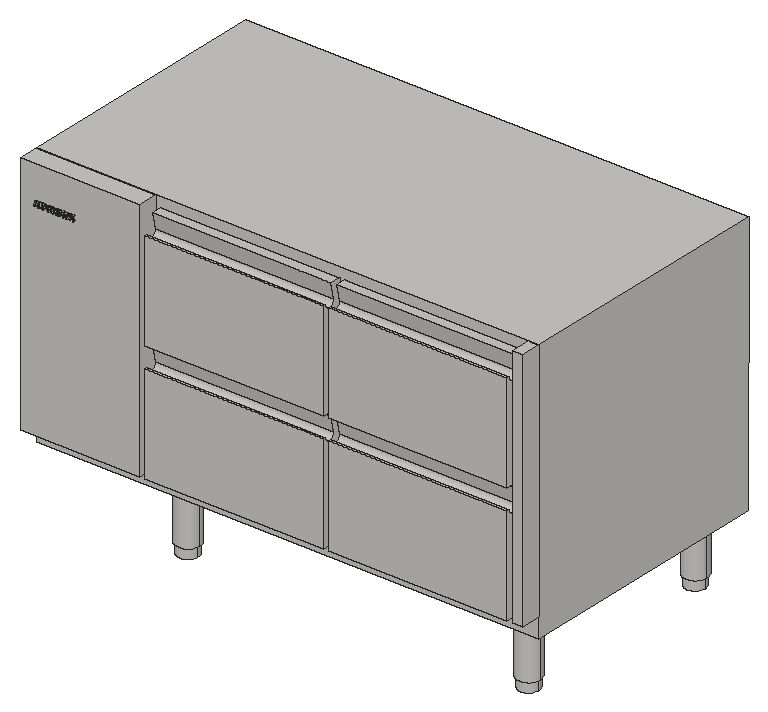
Revit family "QF_ALPENINOX_721113_AA2R7BB", category Attrezzature speciali, Revit 2018
Family settings
  Quota connettore circolare = Usa diametro
  Tipo di parte = Normale
  Basato su piano di lavoro = No
  Sempre verticale = Sì
  Taglio con vuoti quando caricato = No
  Condiviso = No
  Punto di calcolo locali = No
Parameters (values of type "Standard")
  Weight = 94.00 kg
  Watts = 220 W
  Volts = 220 V
  URL Manufacturer = "http://www.alpeninox.com"
  URL = "http://www.alpeninox.com"
  Steam Supply Size = 0 mm
  Steam Supply Minimum Pressure = 0.0 Pa
  Steam Supply Maximum Pressure = 0.0 Pa
  Steam Consumption per Hour = 0
  Refrigeration Suction Line Size = 0 mm
  Refrigeration Liquid Line Size = 0 mm
  Refrigerant Compressor Remote = yes
  Produttore = "Alpeninox"
  Phase = 1
  Modello = "AA2R7BB"
  Length Actual = 1241 mm  # constant formula
  Item Number = "721113"
  Hot Water Size = 0 mm
  Height Actual = 800 mm  # constant formula
  HP = "0.3 HP"
  Gas Size = 0 mm
  Gas KW = 0
  Gas Input Pressure = 0 W
  Direct Waste Size = 0 mm
  Descrizione = "4X1/2-DRAWER REFRIGERATED COUNTER, -2+10°C, FULL AISI 304 (R290), WITHOUT WORK TOP"
  Depth Actual = 700 mm  # constant formula
  Cycle = 50 Hz
  Condensate Return Size = 0 mm
  Compressed Air Volume = 0.0 L/s
  Compressed Air Size = 0 mm
  Compressed Air Pressure = 0.0 Pa
  Cold Water Size = 0 mm
  Accessory = yes
Values of the unnamed type that differ from the named types
  Weight = 0.00 kg
  Watts = 0 W
  Volts = 0 V
  URL Manufacturer = ""
  Item Number = ""
  HP = ""
  Cycle = 0 Hz
Reference planes
  plane 1: z = 0
  plane 2 "Center (Left/Right)": x = -126.5
  plane 3 "Center (Front/Back)": y = 64.5
  plane 4 "FEET": z = 150
  plane 5 "TOP": z = 850
  plane 6 "PLAIN": z = 800
  plane 7 "EI_back": y = 103
  plane 8 "EI_left": x = -686
  plane 9 "BACK": y = 412
  plane 10 "FRONT": y = -283
  plane 11 "DOOR": y = -233
  plane 12 "LEFT": x = -747
  plane 13 "RIGHT": x = 494
  plane 14: x = -722
  plane 15: x = 469
Forms (mm)
  Extrusion 1, solid, material "QF_Finishes_Stainless Steel"
    sketch origin (-1022.223, -1524, 150) x (-1, 0, 0) y (0, -1, 0)
      loop
        circle (-336.223, -1627) r 5
    from 0 to -40
  Extrusion 2, solid, material "QF_Finishes_Stainless Steel"
    sketch origin (-1022.223, -1524, 150) x (-1, 0, 0) y (0, -1, 0)
      loop
        line (-1491.223, -1291) -> (-1491.223, -1241) -> (-1516.223, -1241) -> (-1516.223, -1291) -> (-1491.223, -1291)
    from 48 to 650
  Extrusion 3, solid, material "QF_Finishes_Stainless Steel"
    sketch origin (-1022.223, -1524, 150) x (-1, 0, 0) y (0, -1, 0)
      loop
        line (-275.223, -1936) -> (-275.223, -1291) -> (-1516.223, -1291) -> (-1516.223, -1936) -> (-275.223, -1936)
    from 0 to 650
Lines and regions (mm)
  symbolic lines, style "SpecialityEquipmentHiddenLines"
    curve 1: line (-747, 412, 150) -> (494, 412, 150)
    curve 2: line (-747, -283, 150) -> (-747, 412, 150)
    curve 3: line (494, -283, 150) -> (-747, -283, 150)
    curve 4: line (494, 412, 150) -> (494, -283, 150)
    curve 5: line (-747, -233, 150) -> (494, -233, 150)
    curve 6: line (469, -283, 150) -> (469, -233, 150)
Dimensions and locks
  plane 4 "FEET" to level = 150 mm
  plane 11 "DOOR" to plane 10 "FRONT" = 50 mm
  plane 6 "PLAIN" to plane 4 "FEET" = 650 mm
  plane 5 "TOP" to plane 6 "PLAIN" = 50 mm
  plane 12 "LEFT" to plane 14 = 25 mm
  plane 15 to plane 13 "RIGHT" = 25 mm
  plane 9 "BACK" to plane 7 "EI_back" = 309 mm
  plane 12 "LEFT" to plane 8 "EI_left" = 61 mm
  plane 12 "LEFT" to plane 13 "RIGHT" = 1241 mm
  equal spacing: plane 12 "LEFT", plane 2 "Center (Left/Right)", plane 13 "RIGHT"
  plane 9 "BACK" to plane 10 "FRONT" = 695 mm
  equal spacing: plane 9 "BACK", plane 3 "Center (Front/Back)", plane 10 "FRONT"
  aligned and locked: level to plane 1
Automatic sketch dimensions
  Extrusion 1 sketch curve to plane 7 "EI_back" = 0 mm
  Extrusion 1 sketch curve to plane 8 "EI_left" = 0 mm
  Extrusion 2 sketch curve to plane 11 "DOOR" = 0 mm
  Extrusion 2 sketch curve to plane 13 "RIGHT" = 0 mm
  Extrusion 2 sketch curve to plane 10 "FRONT" = 0 mm
  Extrusion 2 sketch curve to plane 15 = 0 mm
  Extrusion 3 sketch curve to plane 9 "BACK" = 0 mm
  Extrusion 3 sketch curve to plane 13 "RIGHT" = 0 mm
  Extrusion 3 sketch curve to plane 11 "DOOR" = 0 mm
  Extrusion 3 sketch curve to plane 12 "LEFT" = 0 mm
  curve 1 to plane 13 "RIGHT" = 0 mm
  curve 6 to plane 10 "FRONT" = 0 mm
  curve 6 to plane 15 = 0 mm
  curve 5 to plane 12 "LEFT" = 0 mm
  curve 6 to plane 11 "DOOR" = 0 mm
  curve 1 to plane 9 "BACK" = 0 mm
  radius of Extrusion 1 sketch curve = 5 mm
Nested families
  nested 1: "HP_Refrigerator" at (494, -283, 0), type "HP_Refrigerator"
  nested 2: "HP_FEET" at (-413, 331, 0), type "HP_FEET"
  nested 3: "HP_FEET" at (428, 331, 0), type "HP_FEET"
  nested 4: "HP_FEET" at (-413, -183, 0), type "HP_FEET"
  nested 5: "HP_FEET" at (428, -183, 0), type "HP_FEET"
  nested 6: "HP_APX_BI_TN_L" at (-540.08, -233, 548) x (1, 0, 0) z (0, -1, 0), type "HP_APX_BI_TN_L"
    with Show Logo yes
  nested 7: "HP_APX_HALF" at (-219, -233, 458.08) x (1, 0, 0) z (0, -1, 0), type "HP_APX_HALF"
    with Show Clearance yes
  nested 8: "HP_APX_HALF" at (235, -233, 458.08) x (1, 0, 0) z (0, -1, 0), type "HP_APX_HALF"
    with Show Clearance yes
Connectors
  electrical at (-686, 103, 110), driven by "Volts"
    settings: on Extrusion 1, index 1, voltage 220 V, apparent load 0 VA, apparent load phase1 0 VA, apparent load phase2 0 VA, apparent load phase3 0 VA, power factor 1, load classification "Other", number of poles 1, system type 31, power factor state 1, is connector primary yes, connector utility no, sub classification motor no, connector description "Electrical Connection"
Definition of nested family "HP_FEET"
  Parameters
    FEET = 150 mm
  Reference planes
    plane 1 "Center (Front/Back)": y = 0
    plane 2: z = 0
    plane 3 "Center (Left/Right)": x = 0
    plane 4: z = 150
  Forms (mm)
    Revolve 1, solid
      sketch origin (255.05, 0, 608.09) x (0, 0, 1) y (-1, 0, 0)
        loop
          line (-608.09, 255.05) -> (-608.09, 230.05) -> (-583.09, 230.05) -> (-583.09, 226.05) -> (-458.09, 226.05) -> (-458.09, 255.05) -> (-608.09, 255.05)
        axis (-608.09, 255.05) -> (-458.09, 255.05)
      angle from 0 to 360
  Dimensions and locks
    locked: Revolve 1 sketch curve to Revolve 1 sketch curve at 125
    "FEET": plane 4 to plane 2
    aligned and locked: level to plane 2
    aligned and locked: plane 4 to Revolve 1 sketch curve
    aligned and locked: Revolve 1 sketch curve to level
    aligned and locked: plane 3 "Center (Left/Right)" to Revolve 1 sketch curve
  Automatic sketch dimensions
    Revolve 1 sketch curve to plane 3 "Center (Left/Right)" = 0 mm
    Revolve 1 sketch curve to Revolve 1 sketch curve = 25 mm
    Revolve 1 sketch curve to Revolve 1 sketch curve = 29 mm
    plane 4 to Revolve 1 sketch curve = 50 mm
    Revolve 1 sketch curve to Revolve 1 sketch curve = 20 mm
Definition of nested family "HP_APX_BI_TN_L"
  Parameters
    Show Logo [instance] = yes
    Default Elevation = 1219.2 mm
  Reference planes
    plane 1 "Center (Front/Back)": y = -49
    plane 2: z = 0
    plane 3 "Center (Left/Right)": x = -59.92
    plane 4: x = -206.92
    plane 5: x = 87.08
    plane 6: y = 252
    plane 7: y = -350
  Forms (mm)
    Extrusion 1, solid
      sketch origin (0, 0, 0) x (1, 0, 0) y (0, 1, 0)
        loop
          line (-1219.2, 1219.2) -> (-1219.2, -1219.2) -> (1219.2, -1219.2) -> (1219.2, 1219.2) -> (-1219.2, 1219.2)
      from 0 to -304.8
    Extrusion 2, solid
      sketch origin (0, 0, 0) x (1, 0, 0) y (0, 1, 0)
        loop
          line (-206.92, 252) -> (-206.92, -350) -> (87.08, -350) -> (87.08, 252) -> (-206.92, 252)
      from 0 to 50
    Extrusion 3, solid
      sketch origin (0, 0, 0) x (1, 0, 0) y (0, 1, 0)
        loop
          line (-168.675, 170.349) -> (-172.411, 160.318)
          arc (-172.411, 160.318) -> (-171.624, 158.497) -> (-169.837, 159.36) r 1.374
          line (-169.837, 159.36) -> (-169.268, 161.111) -> (-164.1, 161.111) -> (-163.54, 159.379)
          arc (-163.54, 159.379) -> (-161.802, 158.542) -> (-161.049, 160.318) r 1.333
          line (-161.049, 160.318) -> (-164.694, 170.349)
          arc (-164.694, 170.349) -> (-166.685, 171.876) -> (-168.675, 170.349) r 2.06
        loop
          line (-166.681, 169.055) -> (-168.469, 163.655) -> (-164.935, 163.655) -> (-166.681, 169.055)
        loop
          arc (-159.705, 160.042) -> (-159.262, 158.973) -> (-158.194, 158.531) r 1.512
          line (-158.194, 158.531) -> (-153.608, 158.531)
          arc (-153.608, 158.531) -> (-152.337, 159.802) -> (-153.608, 161.074) r 1.272
          line (-153.608, 161.074) -> (-156.917, 161.074) -> (-156.917, 170.328)
          arc (-156.917, 170.328) -> (-158.311, 171.722) -> (-159.705, 170.328) r 1.394
          line (-159.705, 170.328) -> (-159.705, 160.042)
        loop
          line (-151.076, 170.218) -> (-151.076, 159.859)
          arc (-151.076, 159.859) -> (-149.683, 158.466) -> (-148.29, 159.859) r 1.393
          line (-148.29, 159.859) -> (-148.29, 162.882) -> (-146.225, 162.882)
          arc (-146.225, 162.882) -> (-142.999, 163.859) -> (-141.608, 166.928) r 4.082
          arc (-141.608, 166.928) -> (-142.993, 170.272) -> (-146.336, 171.657) r 4.728
          line (-146.336, 171.657) -> (-149.638, 171.657)
          arc (-149.638, 171.657) -> (-150.655, 171.235) -> (-151.076, 170.218) r 1.439
        loop
          line (-148.29, 165.313) -> (-146.388, 165.313)
          arc (-146.388, 165.313) -> (-144.433, 167.268) -> (-146.388, 169.222) r 1.955
          line (-146.388, 169.222) -> (-148.29, 169.222) -> (-148.29, 165.313)
        loop
          arc (-131.184, 166.332) -> (-132.004, 168.2) -> (-133.767, 169.228) r 3.3
          arc (-133.767, 169.228) -> (-136.353, 168.661) -> (-137.611, 166.332) r 3.176
          line (-137.611, 166.332) -> (-131.184, 166.332)
        loop
          line (-137.538, 163.743) -> (-130.544, 163.743)
          arc (-130.544, 163.743) -> (-129.292, 163.916) -> (-128.301, 164.701) r 2.4
          arc (-128.301, 164.701) -> (-128.155, 165.545) -> (-128.212, 166.399) r 3.635
          arc (-128.212, 166.399) -> (-130.364, 170.162) -> (-134.39, 171.769) r 6.579
          arc (-134.39, 171.769) -> (-138.918, 169.706) -> (-140.661, 165.044) r 6.501
          arc (-140.661, 165.044) -> (-139.276, 160.789) -> (-135.401, 158.549) r 6.252
          arc (-135.401, 158.549) -> (-132.922, 158.526) -> (-130.544, 159.232) r 8.361
          arc (-130.544, 159.232) -> (-129.466, 159.781) -> (-128.641, 160.666) r 3.486
          arc (-128.641, 160.666) -> (-128.419, 161.592) -> (-128.828, 162.451) r 1.425
          arc (-128.828, 162.451) -> (-129.368, 162.762) -> (-129.99, 162.762) r 1.203
          arc (-129.99, 162.762) -> (-130.406, 162.59) -> (-130.764, 162.316) r 1.724
          arc (-130.764, 162.316) -> (-131.666, 161.705) -> (-132.646, 161.229) r 7.6
          arc (-132.646, 161.229) -> (-135.676, 161.35) -> (-137.538, 163.743) r 3.6
        loop
          line (-126.669, 170.328) -> (-126.669, 159.859)
          arc (-126.669, 159.859) -> (-125.273, 158.463) -> (-123.878, 159.859) r 1.396
          line (-123.878, 159.859) -> (-123.878, 166.785) -> (-117.946, 159.029)
          arc (-117.946, 159.029) -> (-116.361, 158.51) -> (-115.379, 159.859) r 1.417
          line (-115.379, 159.859) -> (-115.379, 170.328)
          arc (-115.379, 170.328) -> (-116.774, 171.723) -> (-118.169, 170.328) r 1.395
          line (-118.169, 170.328) -> (-118.169, 163.311) -> (-124.101, 171.157)
          arc (-124.101, 171.157) -> (-125.687, 171.678) -> (-126.669, 170.328) r 1.418
        loop
          arc (-113.636, 159.859) -> (-112.241, 158.464) -> (-110.847, 159.859) r 1.394
          line (-110.847, 159.859) -> (-110.847, 170.328)
          arc (-110.847, 170.328) -> (-112.241, 171.723) -> (-113.636, 170.328) r 1.394
          line (-113.636, 170.328) -> (-113.636, 159.859)
        loop
          line (-109.102, 170.328) -> (-109.102, 159.859)
          arc (-109.102, 159.859) -> (-107.706, 158.463) -> (-106.31, 159.859) r 1.396
          line (-106.31, 159.859) -> (-106.31, 166.785) -> (-100.378, 159.029)
          arc (-100.378, 159.029) -> (-98.793, 158.51) -> (-97.812, 159.859) r 1.417
          line (-97.812, 159.859) -> (-97.812, 170.328)
          arc (-97.812, 170.328) -> (-99.207, 171.723) -> (-100.602, 170.328) r 1.395
          line (-100.602, 170.328) -> (-100.602, 163.311) -> (-106.533, 171.157)
          arc (-106.533, 171.157) -> (-108.119, 171.678) -> (-109.102, 170.328) r 1.418
        loop
          arc (-96.345, 165.093) -> (-95.619, 161.877) -> (-93.467, 159.379) r 6.806
          arc (-93.467, 159.379) -> (-91.792, 158.566) -> (-89.948, 158.31) r 5.956
          arc (-89.948, 158.31) -> (-88.104, 158.566) -> (-86.43, 159.379) r 5.956
          arc (-86.43, 159.379) -> (-84.277, 161.877) -> (-83.551, 165.093) r 6.806
          arc (-83.551, 165.093) -> (-84.277, 168.31) -> (-86.43, 170.808) r 6.806
          arc (-86.43, 170.808) -> (-88.104, 171.621) -> (-89.948, 171.877) r 5.956
          arc (-89.948, 171.877) -> (-91.792, 171.621) -> (-93.467, 170.808) r 5.956
          arc (-93.467, 170.808) -> (-95.619, 168.31) -> (-96.345, 165.093) r 6.806
        loop
          arc (-93.425, 165.093) -> (-93.138, 163.212) -> (-92.081, 161.629) r 4.387
          arc (-92.081, 161.629) -> (-91.087, 161.049) -> (-89.948, 160.881) r 3.035
          arc (-89.948, 160.881) -> (-88.809, 161.049) -> (-87.815, 161.629) r 3.035
          arc (-87.815, 161.629) -> (-86.759, 163.212) -> (-86.472, 165.093) r 4.387
          arc (-86.472, 165.093) -> (-86.759, 166.975) -> (-87.815, 168.558) r 4.387
          arc (-87.815, 168.558) -> (-88.809, 169.138) -> (-89.948, 169.306) r 3.035
          arc (-89.948, 169.306) -> (-91.087, 169.138) -> (-92.081, 168.558) r 3.035
          arc (-92.081, 168.558) -> (-93.138, 166.975) -> (-93.425, 165.093) r 4.387
        loop
          line (-83.139, 169.609) -> (-80.126, 165.552) -> (-83.81, 160.652)
          arc (-83.81, 160.652) -> (-83.512, 158.692) -> (-81.559, 159.029) r 1.388
          line (-81.559, 159.029) -> (-78.51, 163.232) -> (-75.461, 159.029)
          arc (-75.461, 159.029) -> (-73.507, 158.692) -> (-73.21, 160.652) r 1.388
          line (-73.21, 160.652) -> (-76.894, 165.552) -> (-73.881, 169.609)
          arc (-73.881, 169.609) -> (-74.249, 171.597) -> (-76.205, 171.084) r 1.38
          line (-76.205, 171.084) -> (-78.51, 167.841) -> (-80.815, 171.084)
          arc (-80.815, 171.084) -> (-82.771, 171.597) -> (-83.139, 169.609) r 1.38
      from 50 to 51.6
    Extrusion 4, solid, not visible
      sketch origin (0, 0, 0) x (1, 0, 0) y (0, 1, 0)
        loop
          line (-206.92, 252) -> (-206.92, -400) -> (87.08, -400) -> (87.08, 252) -> (-206.92, 252)
      from 0 to 50
  Lines and regions (mm)
    Split face 1
      outline origin (0, 0, 50) x (1, 0, 0) y (0, 1, 0)
        loop
          line (87.08, 183) -> (-172.92, 183)
          arc (-172.92, 183) -> (-190.42, 165.5) -> (-172.92, 148) r 17.5
          line (-172.92, 148) -> (87.08, 148)
    Split face 2
      outline origin (-38, 0, 50) x (1, 0, 0) y (0, 1, 0)
        loop
          line (-5.42, 177) -> (-5.42, 154) -> (64.58, 154) -> (64.58, 177) -> (-5.42, 177)
    Split face 3
      outline origin (-38, 0, 50) x (1, 0, 0) y (0, 1, 0)
        loop
          line (44.58, 174) -> (44.58, 157) -> (61.58, 157) -> (61.58, 174) -> (44.58, 174)
    Split face 4
      outline origin (0, 0, 50) x (1, 0, 0) y (0, 1, 0)
        loop
          line (-206.92, 188) -> (87.08, 188)
    Split face 5
      outline origin (0, 0, 50) x (1, 0, 0) y (0, 1, 0)
        loop
          arc (-163.464, 131.824) -> (-167.464, 127.824) -> (-163.464, 123.824) r 4
          line (-163.464, 123.824) -> (-121.464, 123.824)
          arc (-121.464, 123.824) -> (-117.464, 127.824) -> (-121.464, 131.824) r 4
          line (-121.464, 131.824) -> (-163.464, 131.824)
    Split face 6
      outline origin (330, 0, 50) x (1, 0, 0) y (0, 1, 0)
        loop
          arc (-328.464, 131.824) -> (-332.464, 127.824) -> (-328.464, 123.824) r 4
          line (-328.464, 123.824) -> (-286.464, 123.824)
          arc (-286.464, 123.824) -> (-282.464, 127.824) -> (-286.464, 131.824) r 4
          line (-286.464, 131.824) -> (-328.464, 131.824)
    Split face 7
      outline origin (110, 0, 50) x (1, 0, 0) y (0, 1, 0)
        loop
          arc (-218.464, 131.824) -> (-222.464, 127.824) -> (-218.464, 123.824) r 4
          line (-218.464, 123.824) -> (-176.464, 123.824)
          arc (-176.464, 123.824) -> (-172.464, 127.824) -> (-176.464, 131.824) r 4
          line (-176.464, 131.824) -> (-218.464, 131.824)
    Split face 8
      outline origin (220, 0, 50) x (1, 0, 0) y (0, 1, 0)
        loop
          arc (-273.464, 131.824) -> (-277.464, 127.824) -> (-273.464, 123.824) r 4
          line (-273.464, 123.824) -> (-231.464, 123.824)
          arc (-231.464, 123.824) -> (-227.464, 127.824) -> (-231.464, 131.824) r 4
          line (-231.464, 131.824) -> (-273.464, 131.824)
    Split face 9, not visible
      outline origin (0, 0, 50) x (1, 0, 0) y (0, 1, 0)
        loop
          arc (-163.464, 131.824) -> (-167.464, 127.824) -> (-163.464, 123.824) r 4
          line (-163.464, 123.824) -> (-121.464, 123.824)
          arc (-121.464, 123.824) -> (-117.464, 127.824) -> (-121.464, 131.824) r 4
          line (-121.464, 131.824) -> (-163.464, 131.824)
    Split face 10
      outline origin (0, -24, 50) x (1, 0, 0) y (0, 1, 0)
        loop
          arc (-163.464, 143.824) -> (-167.464, 139.824) -> (-163.464, 135.824) r 4
          line (-163.464, 135.824) -> (-121.464, 135.824)
          arc (-121.464, 135.824) -> (-117.464, 139.824) -> (-121.464, 143.824) r 4
          line (-121.464, 143.824) -> (-163.464, 143.824)
    Split face 11
      outline origin (330, -24, 50) x (1, 0, 0) y (0, 1, 0)
        loop
          arc (-328.464, 143.824) -> (-332.464, 139.824) -> (-328.464, 135.824) r 4
          line (-328.464, 135.824) -> (-286.464, 135.824)
          arc (-286.464, 135.824) -> (-282.464, 139.824) -> (-286.464, 143.824) r 4
          line (-286.464, 143.824) -> (-328.464, 143.824)
    Split face 12
      outline origin (110, -24, 50) x (1, 0, 0) y (0, 1, 0)
        loop
          arc (-218.464, 143.824) -> (-222.464, 139.824) -> (-218.464, 135.824) r 4
          line (-218.464, 135.824) -> (-176.464, 135.824)
          arc (-176.464, 135.824) -> (-172.464, 139.824) -> (-176.464, 143.824) r 4
          line (-176.464, 143.824) -> (-218.464, 143.824)
    Split face 13
      outline origin (220, -24, 50) x (1, 0, 0) y (0, 1, 0)
        loop
          arc (-273.464, 143.824) -> (-277.464, 139.824) -> (-273.464, 135.824) r 4
          line (-273.464, 135.824) -> (-231.464, 135.824)
          arc (-231.464, 135.824) -> (-227.464, 139.824) -> (-231.464, 143.824) r 4
          line (-231.464, 143.824) -> (-273.464, 143.824)
    Split face 14
      outline origin (0, -48, 50) x (1, 0, 0) y (0, 1, 0)
        loop
          arc (-163.464, 155.824) -> (-167.464, 151.824) -> (-163.464, 147.824) r 4
          line (-163.464, 147.824) -> (-121.464, 147.824)
          arc (-121.464, 147.824) -> (-117.464, 151.824) -> (-121.464, 155.824) r 4
          line (-121.464, 155.824) -> (-163.464, 155.824)
    Split face 15
      outline origin (330, -48, 50) x (1, 0, 0) y (0, 1, 0)
        loop
          arc (-328.464, 155.824) -> (-332.464, 151.824) -> (-328.464, 147.824) r 4
          line (-328.464, 147.824) -> (-286.464, 147.824)
          arc (-286.464, 147.824) -> (-282.464, 151.824) -> (-286.464, 155.824) r 4
          line (-286.464, 155.824) -> (-328.464, 155.824)
    Split face 16
      outline origin (110, -48, 50) x (1, 0, 0) y (0, 1, 0)
        loop
          arc (-218.464, 155.824) -> (-222.464, 151.824) -> (-218.464, 147.824) r 4
          line (-218.464, 147.824) -> (-176.464, 147.824)
          arc (-176.464, 147.824) -> (-172.464, 151.824) -> (-176.464, 155.824) r 4
          line (-176.464, 155.824) -> (-218.464, 155.824)
    Split face 17
      outline origin (220, -48, 50) x (1, 0, 0) y (0, 1, 0)
        loop
          arc (-273.464, 155.824) -> (-277.464, 151.824) -> (-273.464, 147.824) r 4
          line (-273.464, 147.824) -> (-231.464, 147.824)
          arc (-231.464, 147.824) -> (-227.464, 151.824) -> (-231.464, 155.824) r 4
          line (-231.464, 155.824) -> (-273.464, 155.824)
    Split face 18
      outline origin (0, -72, 50) x (1, 0, 0) y (0, 1, 0)
        loop
          arc (-163.464, 167.824) -> (-167.464, 163.824) -> (-163.464, 159.824) r 4
          line (-163.464, 159.824) -> (-121.464, 159.824)
          arc (-121.464, 159.824) -> (-117.464, 163.824) -> (-121.464, 167.824) r 4
          line (-121.464, 167.824) -> (-163.464, 167.824)
    Split face 19
      outline origin (330, -72, 50) x (1, 0, 0) y (0, 1, 0)
        loop
          arc (-328.464, 167.824) -> (-332.464, 163.824) -> (-328.464, 159.824) r 4
          line (-328.464, 159.824) -> (-286.464, 159.824)
          arc (-286.464, 159.824) -> (-282.464, 163.824) -> (-286.464, 167.824) r 4
          line (-286.464, 167.824) -> (-328.464, 167.824)
    Split face 20
      outline origin (110, -72, 50) x (1, 0, 0) y (0, 1, 0)
        loop
          arc (-218.464, 167.824) -> (-222.464, 163.824) -> (-218.464, 159.824) r 4
          line (-218.464, 159.824) -> (-176.464, 159.824)
          arc (-176.464, 159.824) -> (-172.464, 163.824) -> (-176.464, 167.824) r 4
          line (-176.464, 167.824) -> (-218.464, 167.824)
    Split face 21
      outline origin (220, -72, 50) x (1, 0, 0) y (0, 1, 0)
        loop
          arc (-273.464, 167.824) -> (-277.464, 163.824) -> (-273.464, 159.824) r 4
          line (-273.464, 159.824) -> (-231.464, 159.824)
          arc (-231.464, 159.824) -> (-227.464, 163.824) -> (-231.464, 167.824) r 4
          line (-231.464, 167.824) -> (-273.464, 167.824)
    Split face 22
      outline origin (0, -96, 50) x (1, 0, 0) y (0, 1, 0)
        loop
          arc (-163.464, 179.824) -> (-167.464, 175.824) -> (-163.464, 171.824) r 4
          line (-163.464, 171.824) -> (-121.464, 171.824)
          arc (-121.464, 171.824) -> (-117.464, 175.824) -> (-121.464, 179.824) r 4
          line (-121.464, 179.824) -> (-163.464, 179.824)
    Split face 23
      outline origin (330, -96, 50) x (1, 0, 0) y (0, 1, 0)
        loop
          arc (-328.464, 179.824) -> (-332.464, 175.824) -> (-328.464, 171.824) r 4
          line (-328.464, 171.824) -> (-286.464, 171.824)
          arc (-286.464, 171.824) -> (-282.464, 175.824) -> (-286.464, 179.824) r 4
          line (-286.464, 179.824) -> (-328.464, 179.824)
    Split face 24
      outline origin (110, -96, 50) x (1, 0, 0) y (0, 1, 0)
        loop
          arc (-218.464, 179.824) -> (-222.464, 175.824) -> (-218.464, 171.824) r 4
          line (-218.464, 171.824) -> (-176.464, 171.824)
          arc (-176.464, 171.824) -> (-172.464, 175.824) -> (-176.464, 179.824) r 4
          line (-176.464, 179.824) -> (-218.464, 179.824)
    Split face 25
      outline origin (220, -96, 50) x (1, 0, 0) y (0, 1, 0)
        loop
          arc (-273.464, 179.824) -> (-277.464, 175.824) -> (-273.464, 171.824) r 4
          line (-273.464, 171.824) -> (-231.464, 171.824)
          arc (-231.464, 171.824) -> (-227.464, 175.824) -> (-231.464, 179.824) r 4
          line (-231.464, 179.824) -> (-273.464, 179.824)
    Split face 26
      outline origin (0, -120, 50) x (1, 0, 0) y (0, 1, 0)
        loop
          arc (-163.464, 191.824) -> (-167.464, 187.824) -> (-163.464, 183.824) r 4
          line (-163.464, 183.824) -> (-121.464, 183.824)
          arc (-121.464, 183.824) -> (-117.464, 187.824) -> (-121.464, 191.824) r 4
          line (-121.464, 191.824) -> (-163.464, 191.824)
    Split face 27
      outline origin (330, -120, 50) x (1, 0, 0) y (0, 1, 0)
        loop
          arc (-328.464, 191.824) -> (-332.464, 187.824) -> (-328.464, 183.824) r 4
          line (-328.464, 183.824) -> (-286.464, 183.824)
          arc (-286.464, 183.824) -> (-282.464, 187.824) -> (-286.464, 191.824) r 4
          line (-286.464, 191.824) -> (-328.464, 191.824)
    Split face 28
      outline origin (110, -120, 50) x (1, 0, 0) y (0, 1, 0)
        loop
          arc (-218.464, 191.824) -> (-222.464, 187.824) -> (-218.464, 183.824) r 4
          line (-218.464, 183.824) -> (-176.464, 183.824)
          arc (-176.464, 183.824) -> (-172.464, 187.824) -> (-176.464, 191.824) r 4
          line (-176.464, 191.824) -> (-218.464, 191.824)
    Split face 29
      outline origin (220, -120, 50) x (1, 0, 0) y (0, 1, 0)
        loop
          arc (-273.464, 191.824) -> (-277.464, 187.824) -> (-273.464, 183.824) r 4
          line (-273.464, 183.824) -> (-231.464, 183.824)
          arc (-231.464, 183.824) -> (-227.464, 187.824) -> (-231.464, 191.824) r 4
          line (-231.464, 191.824) -> (-273.464, 191.824)
    Split face 30
      outline origin (0, -144, 50) x (1, 0, 0) y (0, 1, 0)
        loop
          arc (-163.464, 203.824) -> (-167.464, 199.824) -> (-163.464, 195.824) r 4
          line (-163.464, 195.824) -> (-121.464, 195.824)
          arc (-121.464, 195.824) -> (-117.464, 199.824) -> (-121.464, 203.824) r 4
          line (-121.464, 203.824) -> (-163.464, 203.824)
    Split face 31
      outline origin (330, -144, 50) x (1, 0, 0) y (0, 1, 0)
        loop
          arc (-328.464, 203.824) -> (-332.464, 199.824) -> (-328.464, 195.824) r 4
          line (-328.464, 195.824) -> (-286.464, 195.824)
          arc (-286.464, 195.824) -> (-282.464, 199.824) -> (-286.464, 203.824) r 4
          line (-286.464, 203.824) -> (-328.464, 203.824)
    Split face 32
      outline origin (110, -144, 50) x (1, 0, 0) y (0, 1, 0)
        loop
          arc (-218.464, 203.824) -> (-222.464, 199.824) -> (-218.464, 195.824) r 4
          line (-218.464, 195.824) -> (-176.464, 195.824)
          arc (-176.464, 195.824) -> (-172.464, 199.824) -> (-176.464, 203.824) r 4
          line (-176.464, 203.824) -> (-218.464, 203.824)
    Split face 33
      outline origin (220, -144, 50) x (1, 0, 0) y (0, 1, 0)
        loop
          arc (-273.464, 203.824) -> (-277.464, 199.824) -> (-273.464, 195.824) r 4
          line (-273.464, 195.824) -> (-231.464, 195.824)
          arc (-231.464, 195.824) -> (-227.464, 199.824) -> (-231.464, 203.824) r 4
          line (-231.464, 203.824) -> (-273.464, 203.824)
    Split face 34
      outline origin (0, -168, 50) x (1, 0, 0) y (0, 1, 0)
        loop
          arc (-163.464, 215.824) -> (-167.464, 211.824) -> (-163.464, 207.824) r 4
          line (-163.464, 207.824) -> (-121.464, 207.824)
          arc (-121.464, 207.824) -> (-117.464, 211.824) -> (-121.464, 215.824) r 4
          line (-121.464, 215.824) -> (-163.464, 215.824)
    Split face 35
      outline origin (330, -168, 50) x (1, 0, 0) y (0, 1, 0)
        loop
          arc (-328.464, 215.824) -> (-332.464, 211.824) -> (-328.464, 207.824) r 4
          line (-328.464, 207.824) -> (-286.464, 207.824)
          arc (-286.464, 207.824) -> (-282.464, 211.824) -> (-286.464, 215.824) r 4
          line (-286.464, 215.824) -> (-328.464, 215.824)
    Split face 36
      outline origin (110, -168, 50) x (1, 0, 0) y (0, 1, 0)
        loop
          arc (-218.464, 215.824) -> (-222.464, 211.824) -> (-218.464, 207.824) r 4
          line (-218.464, 207.824) -> (-176.464, 207.824)
          arc (-176.464, 207.824) -> (-172.464, 211.824) -> (-176.464, 215.824) r 4
          line (-176.464, 215.824) -> (-218.464, 215.824)
    Split face 37
      outline origin (220, -168, 50) x (1, 0, 0) y (0, 1, 0)
        loop
          arc (-273.464, 215.824) -> (-277.464, 211.824) -> (-273.464, 207.824) r 4
          line (-273.464, 207.824) -> (-231.464, 207.824)
          arc (-231.464, 207.824) -> (-227.464, 211.824) -> (-231.464, 215.824) r 4
          line (-231.464, 215.824) -> (-273.464, 215.824)
    Split face 38
      outline origin (0, -192, 50) x (1, 0, 0) y (0, 1, 0)
        loop
          arc (-163.464, 227.824) -> (-167.464, 223.824) -> (-163.464, 219.824) r 4
          line (-163.464, 219.824) -> (-121.464, 219.824)
          arc (-121.464, 219.824) -> (-117.464, 223.824) -> (-121.464, 227.824) r 4
          line (-121.464, 227.824) -> (-163.464, 227.824)
    Split face 39
      outline origin (330, -192, 50) x (1, 0, 0) y (0, 1, 0)
        loop
          arc (-328.464, 227.824) -> (-332.464, 223.824) -> (-328.464, 219.824) r 4
          line (-328.464, 219.824) -> (-286.464, 219.824)
          arc (-286.464, 219.824) -> (-282.464, 223.824) -> (-286.464, 227.824) r 4
          line (-286.464, 227.824) -> (-328.464, 227.824)
    Split face 40
      outline origin (110, -192, 50) x (1, 0, 0) y (0, 1, 0)
        loop
          arc (-218.464, 227.824) -> (-222.464, 223.824) -> (-218.464, 219.824) r 4
          line (-218.464, 219.824) -> (-176.464, 219.824)
          arc (-176.464, 219.824) -> (-172.464, 223.824) -> (-176.464, 227.824) r 4
          line (-176.464, 227.824) -> (-218.464, 227.824)
    Split face 41
      outline origin (220, -192, 50) x (1, 0, 0) y (0, 1, 0)
        loop
          arc (-273.464, 227.824) -> (-277.464, 223.824) -> (-273.464, 219.824) r 4
          line (-273.464, 219.824) -> (-231.464, 219.824)
          arc (-231.464, 219.824) -> (-227.464, 223.824) -> (-231.464, 227.824) r 4
          line (-231.464, 227.824) -> (-273.464, 227.824)
    Split face 42
      outline origin (0, -216, 50) x (1, 0, 0) y (0, 1, 0)
        loop
          arc (-163.464, 239.824) -> (-167.464, 235.824) -> (-163.464, 231.824) r 4
          line (-163.464, 231.824) -> (-121.464, 231.824)
          arc (-121.464, 231.824) -> (-117.464, 235.824) -> (-121.464, 239.824) r 4
          line (-121.464, 239.824) -> (-163.464, 239.824)
    Split face 43
      outline origin (330, -216, 50) x (1, 0, 0) y (0, 1, 0)
        loop
          arc (-328.464, 239.824) -> (-332.464, 235.824) -> (-328.464, 231.824) r 4
          line (-328.464, 231.824) -> (-286.464, 231.824)
          arc (-286.464, 231.824) -> (-282.464, 235.824) -> (-286.464, 239.824) r 4
          line (-286.464, 239.824) -> (-328.464, 239.824)
    Split face 44
      outline origin (110, -216, 50) x (1, 0, 0) y (0, 1, 0)
        loop
          arc (-218.464, 239.824) -> (-222.464, 235.824) -> (-218.464, 231.824) r 4
          line (-218.464, 231.824) -> (-176.464, 231.824)
          arc (-176.464, 231.824) -> (-172.464, 235.824) -> (-176.464, 239.824) r 4
          line (-176.464, 239.824) -> (-218.464, 239.824)
    Split face 45
      outline origin (220, -216, 50) x (1, 0, 0) y (0, 1, 0)
        loop
          arc (-273.464, 239.824) -> (-277.464, 235.824) -> (-273.464, 231.824) r 4
          line (-273.464, 231.824) -> (-231.464, 231.824)
          arc (-231.464, 231.824) -> (-227.464, 235.824) -> (-231.464, 239.824) r 4
          line (-231.464, 239.824) -> (-273.464, 239.824)
    Split face 46
      outline origin (0, -240, 50) x (1, 0, 0) y (0, 1, 0)
        loop
          arc (-163.464, 251.824) -> (-167.464, 247.824) -> (-163.464, 243.824) r 4
          line (-163.464, 243.824) -> (-121.464, 243.824)
          arc (-121.464, 243.824) -> (-117.464, 247.824) -> (-121.464, 251.824) r 4
          line (-121.464, 251.824) -> (-163.464, 251.824)
    Split face 47
      outline origin (330, -240, 50) x (1, 0, 0) y (0, 1, 0)
        loop
          arc (-328.464, 251.824) -> (-332.464, 247.824) -> (-328.464, 243.824) r 4
          line (-328.464, 243.824) -> (-286.464, 243.824)
          arc (-286.464, 243.824) -> (-282.464, 247.824) -> (-286.464, 251.824) r 4
          line (-286.464, 251.824) -> (-328.464, 251.824)
    Split face 48
      outline origin (110, -240, 50) x (1, 0, 0) y (0, 1, 0)
        loop
          arc (-218.464, 251.824) -> (-222.464, 247.824) -> (-218.464, 243.824) r 4
          line (-218.464, 243.824) -> (-176.464, 243.824)
          arc (-176.464, 243.824) -> (-172.464, 247.824) -> (-176.464, 251.824) r 4
          line (-176.464, 251.824) -> (-218.464, 251.824)
    Split face 49
      outline origin (220, -240, 50) x (1, 0, 0) y (0, 1, 0)
        loop
          arc (-273.464, 251.824) -> (-277.464, 247.824) -> (-273.464, 243.824) r 4
          line (-273.464, 243.824) -> (-231.464, 243.824)
          arc (-231.464, 243.824) -> (-227.464, 247.824) -> (-231.464, 251.824) r 4
          line (-231.464, 251.824) -> (-273.464, 251.824)
    Split face 50
      outline origin (0, -264, 50) x (1, 0, 0) y (0, 1, 0)
        loop
          arc (-163.464, 263.824) -> (-167.464, 259.824) -> (-163.464, 255.824) r 4
          line (-163.464, 255.824) -> (-121.464, 255.824)
          arc (-121.464, 255.824) -> (-117.464, 259.824) -> (-121.464, 263.824) r 4
          line (-121.464, 263.824) -> (-163.464, 263.824)
    Split face 51
      outline origin (330, -264, 50) x (1, 0, 0) y (0, 1, 0)
        loop
          arc (-328.464, 263.824) -> (-332.464, 259.824) -> (-328.464, 255.824) r 4
          line (-328.464, 255.824) -> (-286.464, 255.824)
          arc (-286.464, 255.824) -> (-282.464, 259.824) -> (-286.464, 263.824) r 4
          line (-286.464, 263.824) -> (-328.464, 263.824)
    Split face 52
      outline origin (110, -264, 50) x (1, 0, 0) y (0, 1, 0)
        loop
          arc (-218.464, 263.824) -> (-222.464, 259.824) -> (-218.464, 255.824) r 4
          line (-218.464, 255.824) -> (-176.464, 255.824)
          arc (-176.464, 255.824) -> (-172.464, 259.824) -> (-176.464, 263.824) r 4
          line (-176.464, 263.824) -> (-218.464, 263.824)
    Split face 53
      outline origin (220, -264, 50) x (1, 0, 0) y (0, 1, 0)
        loop
          arc (-273.464, 263.824) -> (-277.464, 259.824) -> (-273.464, 255.824) r 4
          line (-273.464, 255.824) -> (-231.464, 255.824)
          arc (-231.464, 255.824) -> (-227.464, 259.824) -> (-231.464, 263.824) r 4
          line (-231.464, 263.824) -> (-273.464, 263.824)
    Split face 54
      outline origin (0, -288, 50) x (1, 0, 0) y (0, 1, 0)
        loop
          arc (-163.464, 275.824) -> (-167.464, 271.824) -> (-163.464, 267.824) r 4
          line (-163.464, 267.824) -> (-121.464, 267.824)
          arc (-121.464, 267.824) -> (-117.464, 271.824) -> (-121.464, 275.824) r 4
          line (-121.464, 275.824) -> (-163.464, 275.824)
    Split face 55
      outline origin (330, -288, 50) x (1, 0, 0) y (0, 1, 0)
        loop
          arc (-328.464, 275.824) -> (-332.464, 271.824) -> (-328.464, 267.824) r 4
          line (-328.464, 267.824) -> (-286.464, 267.824)
          arc (-286.464, 267.824) -> (-282.464, 271.824) -> (-286.464, 275.824) r 4
          line (-286.464, 275.824) -> (-328.464, 275.824)
    Split face 56
      outline origin (110, -288, 50) x (1, 0, 0) y (0, 1, 0)
        loop
          arc (-218.464, 275.824) -> (-222.464, 271.824) -> (-218.464, 267.824) r 4
          line (-218.464, 267.824) -> (-176.464, 267.824)
          arc (-176.464, 267.824) -> (-172.464, 271.824) -> (-176.464, 275.824) r 4
          line (-176.464, 275.824) -> (-218.464, 275.824)
    Split face 57
      outline origin (220, -288, 50) x (1, 0, 0) y (0, 1, 0)
        loop
          arc (-273.464, 275.824) -> (-277.464, 271.824) -> (-273.464, 267.824) r 4
          line (-273.464, 267.824) -> (-231.464, 267.824)
          arc (-231.464, 267.824) -> (-227.464, 271.824) -> (-231.464, 275.824) r 4
          line (-231.464, 275.824) -> (-273.464, 275.824)
    Split face 58
      outline origin (0, -312, 50) x (1, 0, 0) y (0, 1, 0)
        loop
          arc (-163.464, 287.824) -> (-167.464, 283.824) -> (-163.464, 279.824) r 4
          line (-163.464, 279.824) -> (-121.464, 279.824)
          arc (-121.464, 279.824) -> (-117.464, 283.824) -> (-121.464, 287.824) r 4
          line (-121.464, 287.824) -> (-163.464, 287.824)
    Split face 59
      outline origin (330, -312, 50) x (1, 0, 0) y (0, 1, 0)
        loop
          arc (-328.464, 287.824) -> (-332.464, 283.824) -> (-328.464, 279.824) r 4
          line (-328.464, 279.824) -> (-286.464, 279.824)
          arc (-286.464, 279.824) -> (-282.464, 283.824) -> (-286.464, 287.824) r 4
          line (-286.464, 287.824) -> (-328.464, 287.824)
    Split face 60
      outline origin (110, -312, 50) x (1, 0, 0) y (0, 1, 0)
        loop
          arc (-218.464, 287.824) -> (-222.464, 283.824) -> (-218.464, 279.824) r 4
          line (-218.464, 279.824) -> (-176.464, 279.824)
          arc (-176.464, 279.824) -> (-172.464, 283.824) -> (-176.464, 287.824) r 4
          line (-176.464, 287.824) -> (-218.464, 287.824)
    Split face 61
      outline origin (220, -312, 50) x (1, 0, 0) y (0, 1, 0)
        loop
          arc (-273.464, 287.824) -> (-277.464, 283.824) -> (-273.464, 279.824) r 4
          line (-273.464, 279.824) -> (-231.464, 279.824)
          arc (-231.464, 279.824) -> (-227.464, 283.824) -> (-231.464, 287.824) r 4
          line (-231.464, 287.824) -> (-273.464, 287.824)
    Split face 62
      outline origin (0, -336, 50) x (1, 0, 0) y (0, 1, 0)
        loop
          arc (-163.464, 299.824) -> (-167.464, 295.824) -> (-163.464, 291.824) r 4
          line (-163.464, 291.824) -> (-121.464, 291.824)
          arc (-121.464, 291.824) -> (-117.464, 295.824) -> (-121.464, 299.824) r 4
          line (-121.464, 299.824) -> (-163.464, 299.824)
    Split face 63
      outline origin (330, -336, 50) x (1, 0, 0) y (0, 1, 0)
        loop
          arc (-328.464, 299.824) -> (-332.464, 295.824) -> (-328.464, 291.824) r 4
          line (-328.464, 291.824) -> (-286.464, 291.824)
          arc (-286.464, 291.824) -> (-282.464, 295.824) -> (-286.464, 299.824) r 4
          line (-286.464, 299.824) -> (-328.464, 299.824)
    Split face 64
      outline origin (110, -336, 50) x (1, 0, 0) y (0, 1, 0)
        loop
          arc (-218.464, 299.824) -> (-222.464, 295.824) -> (-218.464, 291.824) r 4
          line (-218.464, 291.824) -> (-176.464, 291.824)
          arc (-176.464, 291.824) -> (-172.464, 295.824) -> (-176.464, 299.824) r 4
          line (-176.464, 299.824) -> (-218.464, 299.824)
    Split face 65
      outline origin (220, -336, 50) x (1, 0, 0) y (0, 1, 0)
        loop
          arc (-273.464, 299.824) -> (-277.464, 295.824) -> (-273.464, 291.824) r 4
          line (-273.464, 291.824) -> (-231.464, 291.824)
          arc (-231.464, 291.824) -> (-227.464, 295.824) -> (-231.464, 299.824) r 4
          line (-231.464, 299.824) -> (-273.464, 299.824)
    Split face 66
      outline origin (0, -360, 50) x (1, 0, 0) y (0, 1, 0)
        loop
          arc (-163.464, 311.824) -> (-167.464, 307.824) -> (-163.464, 303.824) r 4
          line (-163.464, 303.824) -> (-121.464, 303.824)
          arc (-121.464, 303.824) -> (-117.464, 307.824) -> (-121.464, 311.824) r 4
          line (-121.464, 311.824) -> (-163.464, 311.824)
    Split face 67
      outline origin (330, -360, 50) x (1, 0, 0) y (0, 1, 0)
        loop
          arc (-328.464, 311.824) -> (-332.464, 307.824) -> (-328.464, 303.824) r 4
          line (-328.464, 303.824) -> (-286.464, 303.824)
          arc (-286.464, 303.824) -> (-282.464, 307.824) -> (-286.464, 311.824) r 4
          line (-286.464, 311.824) -> (-328.464, 311.824)
    Split face 68
      outline origin (110, -360, 50) x (1, 0, 0) y (0, 1, 0)
        loop
          arc (-218.464, 311.824) -> (-222.464, 307.824) -> (-218.464, 303.824) r 4
          line (-218.464, 303.824) -> (-176.464, 303.824)
          arc (-176.464, 303.824) -> (-172.464, 307.824) -> (-176.464, 311.824) r 4
          line (-176.464, 311.824) -> (-218.464, 311.824)
    Split face 69
      outline origin (220, -360, 50) x (1, 0, 0) y (0, 1, 0)
        loop
          arc (-273.464, 311.824) -> (-277.464, 307.824) -> (-273.464, 303.824) r 4
          line (-273.464, 303.824) -> (-231.464, 303.824)
          arc (-231.464, 303.824) -> (-227.464, 307.824) -> (-231.464, 311.824) r 4
          line (-231.464, 311.824) -> (-273.464, 311.824)
    Split face 70
      outline origin (0, 0, 50) x (1, 0, 0) y (0, 1, 0)
        loop
          line (-206.92, 143) -> (87.08, 143)
    Split face 71
      outline origin (0, -663.3, 50) x (1, 0, 0) y (0, 1, 0)
        loop
          arc (-163.464, 513.474) -> (-167.464, 509.474) -> (-163.464, 505.474) r 4
          line (-163.464, 505.474) -> (-121.464, 505.474)
          arc (-121.464, 505.474) -> (-117.464, 509.474) -> (-121.464, 513.474) r 4
          line (-121.464, 513.474) -> (-163.464, 513.474)
    Split face 72
      outline origin (330, -663.3, 50) x (1, 0, 0) y (0, 1, 0)
        loop
          arc (-328.464, 513.474) -> (-332.464, 509.474) -> (-328.464, 505.474) r 4
          line (-328.464, 505.474) -> (-286.464, 505.474)
          arc (-286.464, 505.474) -> (-282.464, 509.474) -> (-286.464, 513.474) r 4
          line (-286.464, 513.474) -> (-328.464, 513.474)
    Split face 73
      outline origin (110, -663.3, 50) x (1, 0, 0) y (0, 1, 0)
        loop
          arc (-218.464, 513.474) -> (-222.464, 509.474) -> (-218.464, 505.474) r 4
          line (-218.464, 505.474) -> (-176.464, 505.474)
          arc (-176.464, 505.474) -> (-172.464, 509.474) -> (-176.464, 513.474) r 4
          line (-176.464, 513.474) -> (-218.464, 513.474)
    Split face 74
      outline origin (220, -663.3, 50) x (1, 0, 0) y (0, 1, 0)
        loop
          arc (-273.464, 513.474) -> (-277.464, 509.474) -> (-273.464, 505.474) r 4
          line (-273.464, 505.474) -> (-231.464, 505.474)
          arc (-231.464, 505.474) -> (-227.464, 509.474) -> (-231.464, 513.474) r 4
          line (-231.464, 513.474) -> (-273.464, 513.474)
    Split face 75
      outline origin (0, -687.3, 50) x (1, 0, 0) y (0, 1, 0)
        loop
          arc (-163.464, 525.474) -> (-167.464, 521.474) -> (-163.464, 517.474) r 4
          line (-163.464, 517.474) -> (-121.464, 517.474)
          arc (-121.464, 517.474) -> (-117.464, 521.474) -> (-121.464, 525.474) r 4
          line (-121.464, 525.474) -> (-163.464, 525.474)
    Split face 76
      outline origin (330, -687.3, 50) x (1, 0, 0) y (0, 1, 0)
        loop
          arc (-328.464, 525.474) -> (-332.464, 521.474) -> (-328.464, 517.474) r 4
          line (-328.464, 517.474) -> (-286.464, 517.474)
          arc (-286.464, 517.474) -> (-282.464, 521.474) -> (-286.464, 525.474) r 4
          line (-286.464, 525.474) -> (-328.464, 525.474)
    Split face 77
      outline origin (110, -687.3, 50) x (1, 0, 0) y (0, 1, 0)
        loop
          arc (-218.464, 525.474) -> (-222.464, 521.474) -> (-218.464, 517.474) r 4
          line (-218.464, 517.474) -> (-176.464, 517.474)
          arc (-176.464, 517.474) -> (-172.464, 521.474) -> (-176.464, 525.474) r 4
          line (-176.464, 525.474) -> (-218.464, 525.474)
    Split face 78
      outline origin (220, -687.3, 50) x (1, 0, 0) y (0, 1, 0)
        loop
          arc (-273.464, 525.474) -> (-277.464, 521.474) -> (-273.464, 517.474) r 4
          line (-273.464, 517.474) -> (-231.464, 517.474)
          arc (-231.464, 517.474) -> (-227.464, 521.474) -> (-231.464, 525.474) r 4
          line (-231.464, 525.474) -> (-273.464, 525.474)
    Split face 79
      outline origin (0, -711.3, 50) x (1, 0, 0) y (0, 1, 0)
        loop
          arc (-163.464, 537.474) -> (-167.464, 533.474) -> (-163.464, 529.474) r 4
          line (-163.464, 529.474) -> (-121.464, 529.474)
          arc (-121.464, 529.474) -> (-117.464, 533.474) -> (-121.464, 537.474) r 4
          line (-121.464, 537.474) -> (-163.464, 537.474)
    Split face 80
      outline origin (330, -711.3, 50) x (1, 0, 0) y (0, 1, 0)
        loop
          arc (-328.464, 537.474) -> (-332.464, 533.474) -> (-328.464, 529.474) r 4
          line (-328.464, 529.474) -> (-286.464, 529.474)
          arc (-286.464, 529.474) -> (-282.464, 533.474) -> (-286.464, 537.474) r 4
          line (-286.464, 537.474) -> (-328.464, 537.474)
    Split face 81
      outline origin (110, -711.3, 50) x (1, 0, 0) y (0, 1, 0)
        loop
          arc (-218.464, 537.474) -> (-222.464, 533.474) -> (-218.464, 529.474) r 4
          line (-218.464, 529.474) -> (-176.464, 529.474)
          arc (-176.464, 529.474) -> (-172.464, 533.474) -> (-176.464, 537.474) r 4
          line (-176.464, 537.474) -> (-218.464, 537.474)
    Split face 82
      outline origin (220, -711.3, 50) x (1, 0, 0) y (0, 1, 0)
        loop
          arc (-273.464, 537.474) -> (-277.464, 533.474) -> (-273.464, 529.474) r 4
          line (-273.464, 529.474) -> (-231.464, 529.474)
          arc (-231.464, 529.474) -> (-227.464, 533.474) -> (-231.464, 537.474) r 4
          line (-231.464, 537.474) -> (-273.464, 537.474)
    Split face 83
      outline origin (0, -735.3, 50) x (1, 0, 0) y (0, 1, 0)
        loop
          arc (-163.464, 549.474) -> (-167.464, 545.474) -> (-163.464, 541.474) r 4
          line (-163.464, 541.474) -> (-121.464, 541.474)
          arc (-121.464, 541.474) -> (-117.464, 545.474) -> (-121.464, 549.474) r 4
          line (-121.464, 549.474) -> (-163.464, 549.474)
    Split face 84
      outline origin (330, -735.3, 50) x (1, 0, 0) y (0, 1, 0)
        loop
          arc (-328.464, 549.474) -> (-332.464, 545.474) -> (-328.464, 541.474) r 4
          line (-328.464, 541.474) -> (-286.464, 541.474)
          arc (-286.464, 541.474) -> (-282.464, 545.474) -> (-286.464, 549.474) r 4
          line (-286.464, 549.474) -> (-328.464, 549.474)
    Split face 85
      outline origin (110, -735.3, 50) x (1, 0, 0) y (0, 1, 0)
        loop
          arc (-218.464, 549.474) -> (-222.464, 545.474) -> (-218.464, 541.474) r 4
          line (-218.464, 541.474) -> (-176.464, 541.474)
          arc (-176.464, 541.474) -> (-172.464, 545.474) -> (-176.464, 549.474) r 4
          line (-176.464, 549.474) -> (-218.464, 549.474)
    Split face 86
      outline origin (220, -735.3, 50) x (1, 0, 0) y (0, 1, 0)
        loop
          arc (-273.464, 549.474) -> (-277.464, 545.474) -> (-273.464, 541.474) r 4
          line (-273.464, 541.474) -> (-231.464, 541.474)
          arc (-231.464, 541.474) -> (-227.464, 545.474) -> (-231.464, 549.474) r 4
          line (-231.464, 549.474) -> (-273.464, 549.474)
    Split face 87
      outline origin (0, -759.3, 50) x (1, 0, 0) y (0, 1, 0)
        loop
          arc (-163.464, 561.474) -> (-167.464, 557.474) -> (-163.464, 553.474) r 4
          line (-163.464, 553.474) -> (-121.464, 553.474)
          arc (-121.464, 553.474) -> (-117.464, 557.474) -> (-121.464, 561.474) r 4
          line (-121.464, 561.474) -> (-163.464, 561.474)
    Split face 88
      outline origin (330, -759.3, 50) x (1, 0, 0) y (0, 1, 0)
        loop
          arc (-328.464, 561.474) -> (-332.464, 557.474) -> (-328.464, 553.474) r 4
          line (-328.464, 553.474) -> (-286.464, 553.474)
          arc (-286.464, 553.474) -> (-282.464, 557.474) -> (-286.464, 561.474) r 4
          line (-286.464, 561.474) -> (-328.464, 561.474)
    Split face 89
      outline origin (110, -759.3, 50) x (1, 0, 0) y (0, 1, 0)
        loop
          arc (-218.464, 561.474) -> (-222.464, 557.474) -> (-218.464, 553.474) r 4
          line (-218.464, 553.474) -> (-176.464, 553.474)
          arc (-176.464, 553.474) -> (-172.464, 557.474) -> (-176.464, 561.474) r 4
          line (-176.464, 561.474) -> (-218.464, 561.474)
    Split face 90
      outline origin (220, -759.3, 50) x (1, 0, 0) y (0, 1, 0)
        loop
          arc (-273.464, 561.474) -> (-277.464, 557.474) -> (-273.464, 553.474) r 4
          line (-273.464, 553.474) -> (-231.464, 553.474)
          arc (-231.464, 553.474) -> (-227.464, 557.474) -> (-231.464, 561.474) r 4
          line (-231.464, 561.474) -> (-273.464, 561.474)
    Split face 91
      outline origin (0, -783.3, 50) x (1, 0, 0) y (0, 1, 0)
        loop
          arc (-163.464, 573.474) -> (-167.464, 569.474) -> (-163.464, 565.474) r 4
          line (-163.464, 565.474) -> (-121.464, 565.474)
          arc (-121.464, 565.474) -> (-117.464, 569.474) -> (-121.464, 573.474) r 4
          line (-121.464, 573.474) -> (-163.464, 573.474)
    Split face 92
      outline origin (330, -783.3, 50) x (1, 0, 0) y (0, 1, 0)
        loop
          arc (-328.464, 573.474) -> (-332.464, 569.474) -> (-328.464, 565.474) r 4
          line (-328.464, 565.474) -> (-286.464, 565.474)
          arc (-286.464, 565.474) -> (-282.464, 569.474) -> (-286.464, 573.474) r 4
          line (-286.464, 573.474) -> (-328.464, 573.474)
    Split face 93
      outline origin (110, -783.3, 50) x (1, 0, 0) y (0, 1, 0)
        loop
          arc (-218.464, 573.474) -> (-222.464, 569.474) -> (-218.464, 565.474) r 4
          line (-218.464, 565.474) -> (-176.464, 565.474)
          arc (-176.464, 565.474) -> (-172.464, 569.474) -> (-176.464, 573.474) r 4
          line (-176.464, 573.474) -> (-218.464, 573.474)
    Split face 94
      outline origin (220, -783.3, 50) x (1, 0, 0) y (0, 1, 0)
        loop
          arc (-273.464, 573.474) -> (-277.464, 569.474) -> (-273.464, 565.474) r 4
          line (-273.464, 565.474) -> (-231.464, 565.474)
          arc (-231.464, 565.474) -> (-227.464, 569.474) -> (-231.464, 573.474) r 4
          line (-231.464, 573.474) -> (-273.464, 573.474)
    Split face 95
      outline origin (0, -807.3, 50) x (1, 0, 0) y (0, 1, 0)
        loop
          arc (-163.464, 585.474) -> (-167.464, 581.474) -> (-163.464, 577.474) r 4
          line (-163.464, 577.474) -> (-121.464, 577.474)
          arc (-121.464, 577.474) -> (-117.464, 581.474) -> (-121.464, 585.474) r 4
          line (-121.464, 585.474) -> (-163.464, 585.474)
    Split face 96
      outline origin (330, -807.3, 50) x (1, 0, 0) y (0, 1, 0)
        loop
          arc (-328.464, 585.474) -> (-332.464, 581.474) -> (-328.464, 577.474) r 4
          line (-328.464, 577.474) -> (-286.464, 577.474)
          arc (-286.464, 577.474) -> (-282.464, 581.474) -> (-286.464, 585.474) r 4
          line (-286.464, 585.474) -> (-328.464, 585.474)
    Split face 97
      outline origin (110, -807.3, 50) x (1, 0, 0) y (0, 1, 0)
        loop
          arc (-218.464, 585.474) -> (-222.464, 581.474) -> (-218.464, 577.474) r 4
          line (-218.464, 577.474) -> (-176.464, 577.474)
          arc (-176.464, 577.474) -> (-172.464, 581.474) -> (-176.464, 585.474) r 4
          line (-176.464, 585.474) -> (-218.464, 585.474)
    Split face 98
      outline origin (220, -807.3, 50) x (1, 0, 0) y (0, 1, 0)
        loop
          arc (-273.464, 585.474) -> (-277.464, 581.474) -> (-273.464, 577.474) r 4
          line (-273.464, 577.474) -> (-231.464, 577.474)
          arc (-231.464, 577.474) -> (-227.464, 581.474) -> (-231.464, 585.474) r 4
          line (-231.464, 585.474) -> (-273.464, 585.474)
    Split face 99
      outline origin (0, -831.3, 50) x (1, 0, 0) y (0, 1, 0)
        loop
          arc (-163.464, 597.474) -> (-167.464, 593.474) -> (-163.464, 589.474) r 4
          line (-163.464, 589.474) -> (-121.464, 589.474)
          arc (-121.464, 589.474) -> (-117.464, 593.474) -> (-121.464, 597.474) r 4
          line (-121.464, 597.474) -> (-163.464, 597.474)
    Split face 100
      outline origin (330, -831.3, 50) x (1, 0, 0) y (0, 1, 0)
        loop
          arc (-328.464, 597.474) -> (-332.464, 593.474) -> (-328.464, 589.474) r 4
          line (-328.464, 589.474) -> (-286.464, 589.474)
          arc (-286.464, 589.474) -> (-282.464, 593.474) -> (-286.464, 597.474) r 4
          line (-286.464, 597.474) -> (-328.464, 597.474)
    Split face 101
      outline origin (110, -831.3, 50) x (1, 0, 0) y (0, 1, 0)
        loop
          arc (-218.464, 597.474) -> (-222.464, 593.474) -> (-218.464, 589.474) r 4
          line (-218.464, 589.474) -> (-176.464, 589.474)
          arc (-176.464, 589.474) -> (-172.464, 593.474) -> (-176.464, 597.474) r 4
          line (-176.464, 597.474) -> (-218.464, 597.474)
    Split face 102
      outline origin (220, -831.3, 50) x (1, 0, 0) y (0, 1, 0)
        loop
          arc (-273.464, 597.474) -> (-277.464, 593.474) -> (-273.464, 589.474) r 4
          line (-273.464, 589.474) -> (-231.464, 589.474)
          arc (-231.464, 589.474) -> (-227.464, 593.474) -> (-231.464, 597.474) r 4
          line (-231.464, 597.474) -> (-273.464, 597.474)
    Split face 103
      outline origin (0, -855.3, 50) x (1, 0, 0) y (0, 1, 0)
        loop
          arc (-163.464, 609.474) -> (-167.464, 605.474) -> (-163.464, 601.474) r 4
          line (-163.464, 601.474) -> (-121.464, 601.474)
          arc (-121.464, 601.474) -> (-117.464, 605.474) -> (-121.464, 609.474) r 4
          line (-121.464, 609.474) -> (-163.464, 609.474)
    Split face 104
      outline origin (330, -855.3, 50) x (1, 0, 0) y (0, 1, 0)
        loop
          arc (-328.464, 609.474) -> (-332.464, 605.474) -> (-328.464, 601.474) r 4
          line (-328.464, 601.474) -> (-286.464, 601.474)
          arc (-286.464, 601.474) -> (-282.464, 605.474) -> (-286.464, 609.474) r 4
          line (-286.464, 609.474) -> (-328.464, 609.474)
    Split face 105
      outline origin (110, -855.3, 50) x (1, 0, 0) y (0, 1, 0)
        loop
          arc (-218.464, 609.474) -> (-222.464, 605.474) -> (-218.464, 601.474) r 4
          line (-218.464, 601.474) -> (-176.464, 601.474)
          arc (-176.464, 601.474) -> (-172.464, 605.474) -> (-176.464, 609.474) r 4
          line (-176.464, 609.474) -> (-218.464, 609.474)
    Split face 106
      outline origin (220, -855.3, 50) x (1, 0, 0) y (0, 1, 0)
        loop
          arc (-273.464, 609.474) -> (-277.464, 605.474) -> (-273.464, 601.474) r 4
          line (-273.464, 601.474) -> (-231.464, 601.474)
          arc (-231.464, 601.474) -> (-227.464, 605.474) -> (-231.464, 609.474) r 4
          line (-231.464, 609.474) -> (-273.464, 609.474)
    Split face 107
      outline origin (0, -879.3, 50) x (1, 0, 0) y (0, 1, 0)
        loop
          arc (-163.464, 621.474) -> (-167.464, 617.474) -> (-163.464, 613.474) r 4
          line (-163.464, 613.474) -> (-121.464, 613.474)
          arc (-121.464, 613.474) -> (-117.464, 617.474) -> (-121.464, 621.474) r 4
          line (-121.464, 621.474) -> (-163.464, 621.474)
    Split face 108
      outline origin (330, -879.3, 50) x (1, 0, 0) y (0, 1, 0)
        loop
          arc (-328.464, 621.474) -> (-332.464, 617.474) -> (-328.464, 613.474) r 4
          line (-328.464, 613.474) -> (-286.464, 613.474)
          arc (-286.464, 613.474) -> (-282.464, 617.474) -> (-286.464, 621.474) r 4
          line (-286.464, 621.474) -> (-328.464, 621.474)
    Split face 109
      outline origin (110, -879.3, 50) x (1, 0, 0) y (0, 1, 0)
        loop
          arc (-218.464, 621.474) -> (-222.464, 617.474) -> (-218.464, 613.474) r 4
          line (-218.464, 613.474) -> (-176.464, 613.474)
          arc (-176.464, 613.474) -> (-172.464, 617.474) -> (-176.464, 621.474) r 4
          line (-176.464, 621.474) -> (-218.464, 621.474)
    Split face 110
      outline origin (220, -879.3, 50) x (1, 0, 0) y (0, 1, 0)
        loop
          arc (-273.464, 621.474) -> (-277.464, 617.474) -> (-273.464, 613.474) r 4
          line (-273.464, 613.474) -> (-231.464, 613.474)
          arc (-231.464, 613.474) -> (-227.464, 617.474) -> (-231.464, 621.474) r 4
          line (-231.464, 621.474) -> (-273.464, 621.474)
    Split face 111
      outline origin (0, -903.3, 50) x (1, 0, 0) y (0, 1, 0)
        loop
          arc (-163.464, 633.474) -> (-167.464, 629.474) -> (-163.464, 625.474) r 4
          line (-163.464, 625.474) -> (-121.464, 625.474)
          arc (-121.464, 625.474) -> (-117.464, 629.474) -> (-121.464, 633.474) r 4
          line (-121.464, 633.474) -> (-163.464, 633.474)
    Split face 112
      outline origin (330, -903.3, 50) x (1, 0, 0) y (0, 1, 0)
        loop
          arc (-328.464, 633.474) -> (-332.464, 629.474) -> (-328.464, 625.474) r 4
          line (-328.464, 625.474) -> (-286.464, 625.474)
          arc (-286.464, 625.474) -> (-282.464, 629.474) -> (-286.464, 633.474) r 4
          line (-286.464, 633.474) -> (-328.464, 633.474)
    Split face 113
      outline origin (110, -903.3, 50) x (1, 0, 0) y (0, 1, 0)
        loop
          arc (-218.464, 633.474) -> (-222.464, 629.474) -> (-218.464, 625.474) r 4
          line (-218.464, 625.474) -> (-176.464, 625.474)
          arc (-176.464, 625.474) -> (-172.464, 629.474) -> (-176.464, 633.474) r 4
          line (-176.464, 633.474) -> (-218.464, 633.474)
    Split face 114
      outline origin (220, -903.3, 50) x (1, 0, 0) y (0, 1, 0)
        loop
          arc (-273.464, 633.474) -> (-277.464, 629.474) -> (-273.464, 625.474) r 4
          line (-273.464, 625.474) -> (-231.464, 625.474)
          arc (-231.464, 625.474) -> (-227.464, 629.474) -> (-231.464, 633.474) r 4
          line (-231.464, 633.474) -> (-273.464, 633.474)
    Split face 115
      outline origin (0, -927.3, 50) x (1, 0, 0) y (0, 1, 0)
        loop
          arc (-163.464, 645.474) -> (-167.464, 641.474) -> (-163.464, 637.474) r 4
          line (-163.464, 637.474) -> (-121.464, 637.474)
          arc (-121.464, 637.474) -> (-117.464, 641.474) -> (-121.464, 645.474) r 4
          line (-121.464, 645.474) -> (-163.464, 645.474)
    Split face 116
      outline origin (330, -927.3, 50) x (1, 0, 0) y (0, 1, 0)
        loop
          arc (-328.464, 645.474) -> (-332.464, 641.474) -> (-328.464, 637.474) r 4
          line (-328.464, 637.474) -> (-286.464, 637.474)
          arc (-286.464, 637.474) -> (-282.464, 641.474) -> (-286.464, 645.474) r 4
          line (-286.464, 645.474) -> (-328.464, 645.474)
    Split face 117
      outline origin (110, -927.3, 50) x (1, 0, 0) y (0, 1, 0)
        loop
          arc (-218.464, 645.474) -> (-222.464, 641.474) -> (-218.464, 637.474) r 4
          line (-218.464, 637.474) -> (-176.464, 637.474)
          arc (-176.464, 637.474) -> (-172.464, 641.474) -> (-176.464, 645.474) r 4
          line (-176.464, 645.474) -> (-218.464, 645.474)
    Split face 118
      outline origin (220, -927.3, 50) x (1, 0, 0) y (0, 1, 0)
        loop
          arc (-273.464, 645.474) -> (-277.464, 641.474) -> (-273.464, 637.474) r 4
          line (-273.464, 637.474) -> (-231.464, 637.474)
          arc (-231.464, 637.474) -> (-227.464, 641.474) -> (-231.464, 645.474) r 4
          line (-231.464, 645.474) -> (-273.464, 645.474)
    Split face 119
      outline origin (0, -951.3, 50) x (1, 0, 0) y (0, 1, 0)
        loop
          arc (-163.464, 657.474) -> (-167.464, 653.474) -> (-163.464, 649.474) r 4
          line (-163.464, 649.474) -> (-121.464, 649.474)
          arc (-121.464, 649.474) -> (-117.464, 653.474) -> (-121.464, 657.474) r 4
          line (-121.464, 657.474) -> (-163.464, 657.474)
    Split face 120
      outline origin (330, -951.3, 50) x (1, 0, 0) y (0, 1, 0)
        loop
          arc (-328.464, 657.474) -> (-332.464, 653.474) -> (-328.464, 649.474) r 4
          line (-328.464, 649.474) -> (-286.464, 649.474)
